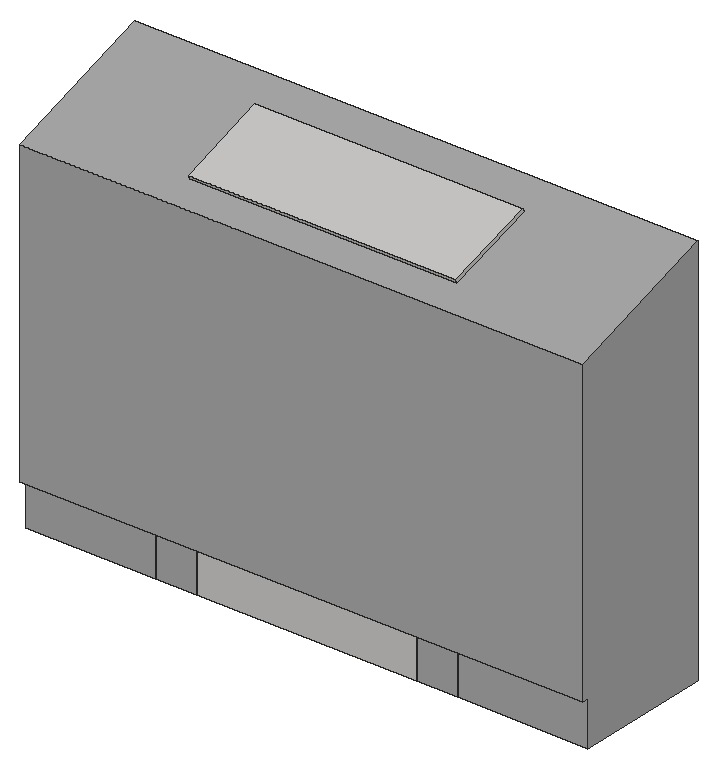
Revit family
Parameters (values of type "FWI 02 - 115V - 4 Pipe - 3 Rows Cooling - 1 Row Heating")
  Width = 3' - 5"
  Water Connection Radius [instance] = if(1 = 1, Water Connection Diameter / 2, 1' 0")  # 0' - 0 5/16"
  Water Connection Diameter [instance] = if(or([4 Pipe], [2 Pipe Heating]), Hot Water Connection Diameter, Chilled Water Connection Diameter)  # 0' - 0 5/8"
  Water Coil Pressure Drop = if(or([4 Pipe], [2 Pipe Heating]), Heating Coil Water Pressure Drop, Cooling Coil Water Pressure Drop)  # 0 Pa
  Total Coil Row Count = Heating Coil Row Count + Cooling Coil Row Count  # 4
  Heating Hot Water [instance] = yes
  Voltage = 120 V
  Unit Weight = if(Unit Size > 11, 149.00 lbf, if(Unit Size > 9, 131.00 lbf, if(Unit Size > 7, 102.00 lbf, if(Unit Size > 5, 96.00 lbf, if(Unit Size > 3, 87.00 lbf, if(Unit Size > 2, 74.00 lbf, if(Unit Size > 1, 66.00 lbf, 66.00 lbf)))))))  # 66.00 lbf
  Unit Size = 2
  URL = "http://www.enviro-tec.com/index.html"
  Type Comments = ""
  Total Cooling Capacity = 0.0 Btu/h
  Supply Air Connection Width = 19 1/2"
  Supply Air Connection Height = 7 1/2"
  Heating Steam [instance] = not(Heating Hot Water)  # no
  Sloped Top Panel = 1 = 1  # yes
  Sensible Heating Capacity = 0.0 Btu/h
  Sensible Cooling Capacity = 0.0 Btu/h
  Secondary Condensate Drain Flow = 0 GPM
  Return Air Connection Width = 22"
  Return Air Connection Height = 0' 3 1/4"  # 3 1/4"
  Product Page URL = "http://www.enviro-tec.com/eCatalog/products.asp?ID=1"
  Product Documentation Link = "http://www.enviro-tec.com/pdf/catalog/ET115.26-EG6.pdf"
  Pressure Drop = 0.00 in-wg
  Power Factor = 1
  Return Duct Connector Description [instance] = "Return Air Connection"  # constant formula
  Outside Air Connection Width = 1' - 4"
  Outside Air Connection Height = 0' - 2 1/2"  # constant formula
  Outside Air Connection Description [instance] = if(Outside Air Connection, "Outside Air Connection", "Disabled")  # "Disabled"
  Outside Air Connection = no
  Heating Coil Row Count = 1
  Heating Coil Description [instance] = if(Heating Hot Water, "Hot Water", "Steam")  # "Hot Water"
  Filter Size = "9.25 X 21.75 X 1"
  Electric Heat Current = 0 A
  Depth = 0' - 10"  # constant formula
  Cooling DX Suction [instance] = no
  Cooling DX Liquid [instance] = yes
  Cooling DX [instance] = no
  Cooling Coil Row Count = 3
  Cooling Coil Description [instance] = if(Cooling Chilled Water, "Chilled Water", "DX")  # "DX"
  Cooling Chilled Water [instance] = or(and(not(Cooling DX Suction), not(Cooling DX), not(Cooling DX Liquid)))  # no
  Condensate Drain Connector Description [instance] = "Condensate Drain Connection"  # constant formula
  Water Supply Connector Description [instance] = if(or([4 Pipe], [2 Pipe Heating]), "Hot Water Supply", "Chilled Water Supply")  # "Hot Water Supply"
  Water Return Connector Description [instance] = if(or([4 Pipe], [2 Pipe Heating]), "Hot Water Return", "Chilled Water Return")  # "Hot Water Return"
  Chilled Water Supply Connector Description [instance] = if([4 Pipe], "Chilled Water Supply", "Disabled")  # "Disabled"
  Chilled Water Return Connector Description [instance] = if([4 Pipe], "Chilled Water Return", "Disabled")  # "Disabled"
  OmniClass Title = "Fan Coil Units"  # constant formula
  OmniClass Number = "23.75.70.17.27"  # constant formula
  Number of Poles = 1
  Net Weight = Unit Weight + Coil Rows Weight  # 96.00 lbf
  Mounting Hole Distance = if(1 = 1, Supply Air Connection Width + 0' 6", 1' 0")  # 2' - 1 1/2"
  Motor PSC Type [instance] = yes
  Fan Motor Current = 0 A
  Model = "FWI"
  Manufacturer = "Johnson Controls, Inc."  # constant formula
  Louver Material = Metal - JCI - Steel - Powder Coated - Gray - Louver
  Keynote = "15700"
  Hot Water Connection Diameter = if(Heating Coil Row Count < 3, 0' 0 5/8", 0' 0 3/4")  # 5/8"
  Height = 2' - 1 1/4"
  Heating Leaving Water Temperature [instance] = 140 °F
  Heating Entering Water Temperature [instance] = 180 °F
  Heating Entering Dry Bulb Temperature [instance] = 70 °F
  Heating Coil Water Pressure Drop = 0 Pa
  Heating Coil Row Quantity = 1
  Full Load Current = Fan Motor Current + Electric Heat Current  # 0 A
  Frequency = 0 Hz
  Frame Material = Metal - JCI - Steel - Galvanized
  Filter Throwaway [instance] = yes
  Filter Pleated 1 in [instance] = no
  Fan Width = if(Supply Air Connection Width > 2' 8", 0' 8 1/4", if(Supply Air Connection Width > 2' 3", 0' 6 7/8", if(Supply Air Connection Width > 1' 6", 0' 8 1/4", 0' 6 7/8")))  # 0' - 8 1/4"
  Fan Motor Horsepower = 0.1666
  External Static Pressure [instance] = 0.00 in-wg
  Electrical Connector Description = "Equipment Power"
  Electric Heat Wattage = 0 W
  Electric Heat Capacity = 0.0 Btu/h
  Supply Duct Connector Description = "Supply Air Connection"  # constant formula
  Design Heating Water Flow = 0 GPM
  Design Chilled Water Flow = 0 GPM
  Cooling Leaving Water Temperature [instance] = 55 °F
  Cooling Entering Wet Bulb Temperature [instance] = 67 °F
  Cooling Entering Water Temperature [instance] = 45 °F
  Cooling Entering Dry Bulb Temperature [instance] = 80 °F
  Cooling Coil Water Pressure Drop = 0 Pa
  Control Enclosure Width = 0' - 5 7/8"  # constant formula
  Control Enclosure Height [instance] = 0' - 5 1/2"  # constant formula
  Control Enclosure Depth = 0' - 3"  # constant formula
  Condensate Drain Pan Material = Metal - JCI - Steel - Galvanized
  Chilled Water Connection Radius [instance] = if(1 = 1, Chilled Water Connection Diameter / 2, 1' 0")  # 0' - 0 7/16"
  CTRL Slope Offset [instance] = if(Sloped Top Panel, 0' 3 1/2", 0' 0")  # 0' - 3 1/2"
  CTRL Slope Length [instance] = if(Sloped Top Panel, 0' 10 5/8", Depth + 0' 0 1/2")  # 0' - 10 5/8"
  CTRL Slope [instance] = if(Sloped Top Panel, 18.44°, 0.00°)  # 18.44°
  CTRL Outside Air Flow [instance] = if(Outside Air Connection, Actual Outside Air Flow, 0 CFM)  # 0 CFM
  CTRL Outside Air Connection Offset [instance] = if(1 = 1, Width / 2, 0' 0")  # 1' - 8 1/2"
  CTRL Junction Box Height [instance] = 0' - 6"  # constant formula
  CTRL Condensate Drain Offset [instance] = if(Coil Connection Right, Return Air Connection Width, 0' 0")  # 1' - 10"
  Condensate Drain Length [instance] = 0' - 8"  # constant formula
  Condensate Drain Height [instance] = if(Auxiliary Drip Pan, 0' 6 1/32", 0' 9")  # 0' - 6 1/32"
  Condensate Drain Connection Diameter Auxiliary = 0' 0 5/8"  # 5/8"
  Coil Rows Weight = if(and(Unit Size > 11, Total Coil Row Count > 3), 77.00 lbf, if(and(Unit Size > 11, Total Coil Row Count > 2), 61.00 lbf, if(and(Unit Size > 11, Total Coil Row Count > 1), 47.00 lbf, if(and(Unit Size > 11, Total Coil Row Count > 0.5), 37.00 lbf, if(and(Unit Size > 9, Total Coil Row Count > 3), 65.00 lbf, if(and(Unit Size > 9, Total Coil Row Count > 2), 52.00 lbf, if(and(Unit Size > 9, Total Coil Row Count > 1), 41.00 lbf, if(and(Unit Size > 9, Total Coil Row Count > 0.5), 32.00 lbf, if(and(Unit Size > 7, Total Coil Row Count > 3), 52.00 lbf, if(and(Unit Size > 7, Total Coil Row Count > 2), 41.00 lbf, if(and(Unit Size > 7, Total Coil Row Count > 1), 32.00 lbf, if(and(Unit Size > 7, Total Coil Row Count > 0.5), 25.00 lbf, if(and(Unit Size > 5, Total Coil Row Count > 3), 50.00 lbf, if(and(Unit Size > 5, Total Coil Row Count > 2), 39.00 lbf, if(and(Unit Size > 5, Total Coil Row Count > 1), 31.00 lbf, if(and(Unit Size > 5, Total Coil Row Count > 0.5), 24.00 lbf, if(and(Unit Size > 3, Total Coil Row Count > 3), 41.00 lbf, if(and(Unit Size > 3, Total Coil Row Count > 2), 32.00 lbf, if(and(Unit Size > 3, Total Coil Row Count > 1), 25.00 lbf, if(and(Unit Size > 3, Total Coil Row Count > 0.5), 20.00 lbf, if(and(Unit Size > 2, Total Coil Row Count > 3), 32.00 lbf, if(and(Unit Size > 2, Total Coil Row Count > 2), 25.00 lbf, if(and(Unit Size > 2, Total Coil Row Count > 1), 20.00 lbf, if(and(Unit Size > 2, Total Coil Row Count > 0.5), 15.00 lbf, if(and(Unit Size > 1, Total Coil Row Count > 3), 30.00 lbf, if(and(Unit Size > 1, Total Coil Row Count > 2), 23.00 lbf, if(and(Unit Size > 1, Total Coil Row Count > 1), 19.00 lbf, 14.00 lbf)))))))))))))))))))))))))))  # 30.00 lbf
  Coil Pipe Material = Metal - JCI - Copper - Type-L - Polished
  Coil Face Area = 3.02 SF
  Chilled Water Connection Diameter [instance] = if(and(Cooling Chilled Water, Cooling Coil Row Count < 3), 0' 0 5/8", if(and(Cooling DX, Cooling DX Liquid), 0' 0 3/8", if(and(Cooling DX, Cooling DX Suction), 0' 0 5/8", 0' 0 7/8")))  # 7/8"
  Two Fan Motors = Supply Air Connection Width > 2' 3"  # no
  Description = ""
  Copyright © = "© 2010, Johnson Controls, Inc."  # constant formula
  Cooling Coil Row Quantity = 2
  Control Enclosure Right [instance] = not(Coil Connection Right)  # no
  Control Enclosure Left [instance] = not(Control Enclosure Right)  # yes
  Condensate Pipe [instance] = yes
  Condensate Drain Connection Diameter = 3/4"
  Condensate Connection Radius 2 [instance] = if(Condensate Pipe, if(Condensate Drain Connection Diameter Auxiliary < 0' 0 1/8", 0' 0 1/16", Condensate Drain Connection Diameter Auxiliary / 2), Condensate Connection Radius)  # 0' - 0 5/16"
  Condensate Connection Radius [instance] = if(1 = 1, Condensate Drain Connection Diameter / 2, 0' 0")  # 0' - 0 3/8"
  Coil Connection Right [instance] = yes
  Coil Connection Left [instance] = not(Coil Connection Right)  # no
  Coil Casing Width = if(1 = 1, Supply Air Connection Width + 0' 9 1/8", 1' 0")  # 2' - 4 5/8"
  Coil Casing Depth = 0' - 11 5/8"  # constant formula
  CTRL Supply Offset Back = 0' - 3 3/4"  # constant formula
  CTRL Supply 2 Offset Back [instance] = if([4 Pipe], CTRL Supply Offset Back + 0' 3 1/2", CTRL Supply Offset Back)  # 0' - 3 3/4"
  CTRL Return Offset Back [instance] = 0' - 5 1/2"  # constant formula
  CTRL Return 2 Offset Back [instance] = if([4 Pipe], CTRL Return Offset Back - 0' 3 1/2", CTRL Return Offset Back)  # 0' - 5 1/2"
  CTRL Pipes Offset Position [instance] = if(Coil Connection Right, Return Air Connection Width, 0' 0")  # 1' - 10"
  CTRL Pipes Offset Length = 0' - 8"  # constant formula
  CTRL Pipe Supply Radius = 0' - 0 3/8"
  CTRL Pipe Supply 2 Height Offset [instance] = if([4 Pipe], CTRL Pipe Supply Height Offset - 0' 3", CTRL Pipe Supply Height Offset)  # 1' - 7 1/4"
  CTRL Pipe Supply Height Offset [instance] = 1' - 7 1/4"  # constant formula
  CTRL Pipe Return Radius = 0' - 0 3/8"
  CTRL Pipe Return Height Offset [instance] = 1' - 5 3/4"  # constant formula
  CTRL Pipe Return Angle [instance] = if(Coil Connection Right, 0.00°, 180.00°)  # 0.00°
  CTRL Pipe Return 2 Height Offset [instance] = if([4 Pipe], CTRL Pipe Return Height Offset + 0' 3", CTRL Pipe Return Height Offset)  # 1' - 5 3/4"
  CTRL Enclosure Offset [instance] = if(Control Enclosure Right, 0' 0", Return Air Connection Width)  # 1' - 10"
  CTRL Enclosure Height Offset [instance] = 0' - 6"  # constant formula
  CTRL Enclosure Angle [instance] = if(Control Enclosure Right, 0.00°, 180.00°)  # 180.00°
  CTRL Condensate Drain Angle [instance] = if(Coil Connection Right, 0.00°, 180.00°)  # 0.00°
  Auxiliary Drip Pan [instance] = yes
  Assembly Code = "D3050100"
  Apparent Load = Full Load Current * Voltage  # 0 VA
  Altitude = 0' - 0"
  Design Supply Air Flow = 2400 CFM
  Actual Supply Air Flow [instance] = Actual Return Air Flow + CTRL Outside Air Flow  # 0 CFM
  Actual Return Air Flow [instance] = 0 CFM
  Actual Outside Air Flow [instance] = 0 CFM
  Actual Heating Water Flow = 0 GPM
  Actual Condensate Drain Flow [instance] = 0 GPM
  Actual Chilled Water Flow = 0 GPM
  4 Pipe = no
  2 Pipe Heating = yes
  2 Pipe Cooling = not(or([2 Pipe Heating], [4 Pipe]))  # no
Reference planes (in)
  plane 1 "Center (Front/Back)": y = -6.9375
  plane 2 "Bottom": z = 0
  plane 3 "Center (Left/Right)": x = 0
  plane 4 "Left": x = -20.5
  plane 5 "Right": x = 20.5
  plane 6 "Front": y = -11.9375
  plane 7 "Top": z = 25.25
  plane 8 "Back": y = -1.9375
  plane 9 "Right Supply Air": x = 9.75
  plane 10 "Front Supply Air": y = -10.6875
  plane 11 "Back Supply Air": y = -3.1875
  plane 12 "Chilled Return Pipe Height": z = 17.75
  plane 13 "Heating Supply Pipe Height": z = 19.25
  plane 14 "Heating Supply Pipe": y = -5.6875
  plane 15 "Chilled Return Pipe": y = -7.4375
  plane 16 "Offset Front": y = -12.43244
  plane 17 "Left Supply Air": x = -9.75
  plane 18 "Back Control Box": y = -3.94333
  plane 19 "Front Control Box": y = -9.94333
  plane 20 "Pipe CTRL Offset": x = 11
  plane 21 "Heating Return Pipe": y = -7.4375
  plane 22 "Chilled Supply Pipe": y = -5.6875
  plane 23 "Heating Return Pipe Height": z = 17.75
  plane 24 "Chilled Supply Pipe Height": z = 19.25
  plane 25 "CTRL Junction Box Offset": x = -11
  plane 26 "Junction Box Bottom": z = 6
  plane 27 "Junction Box Top": z = 12
  plane 28 "Return Air Height": z = 3.25
  plane 29 "Left Return Air": x = -11
  plane 30 "Right Return Air": x = 11
  plane 31 "Auxiliary Drain Pan Top": z = 7.5
  plane 32 "Junction Box Exterior": x = -16.5
  plane 33 "Condensate Drain Offset": x = 11
  plane 34 "Condensate Drain Height": z = 6.03125
  plane 35 "Condensate Drain Pipe": y = -10.44333
  plane 36 "Condensate Pipe Height": z = 6.03125
  plane 37 "Left Control Door": x = -18.5
  plane 38 "Right Control Door": x = -11.75
  plane 39 "Back Control Door": y = -4
  plane 40: y = -9.875
  plane 41 "Control Door Center (Left/Right)": x = -15.125
  plane 42 "Offset Top": z = 28.75
  plane 43: y = -11.6875
Forms (in)
  Revolve 1, solid, material "Metal - JCI - Copper - Type-L - Polished" <- "Coil Pipe Material", not visible, detail levels fine
    sketch origin (0, -7.4375, 0) x (-1, 0, 0) y (0, 0, 1)
      loop
        line (-11, 17.75) -> (-19, 17.75) -> (-19, 17.375) -> (-11, 17.375) -> (-11, 17.75)
      axis (-11, 17.75) -> (-19, 17.75)
    angle from 0 to 360
  Revolve 2, solid, material "Metal - JCI - Copper - Type-L - Polished" <- "Coil Pipe Material", not visible, detail levels fine
    sketch origin (0, -5.6875, 0) x (-1, 0, 0) y (0, 0, 1)
      loop
        line (-11, 19.25) -> (-11, 19.625) -> (-19, 19.625) -> (-19, 19.25) -> (-11, 19.25)
      axis (-11, 19.25) -> (-19, 19.25)
    angle from 0 to 360
  Revolve 3, solid, material "Metal - JCI - Copper - Type-L - Polished" <- "Coil Pipe Material", not visible, detail levels fine
    sketch origin (0, -5.6875, 0) x (-1, 0, 0) y (0, 0, 1)
      loop
        line (-19, 19.25) -> (-19, 18.875) -> (-11, 18.875) -> (-11, 19.25) -> (-19, 19.25)
      axis (-11, 19.25) -> (-19, 19.25)
    angle from 0 to 360
  Revolve 4, solid, material "Metal - JCI - Copper - Type-L - Polished" <- "Coil Pipe Material", not visible, detail levels fine
    sketch origin (0, -7.4375, 0) x (-1, 0, 0) y (0, 0, 1)
      loop
        line (-11, 17.75) -> (-19, 17.75) -> (-19, 17.375) -> (-11, 17.375) -> (-11, 17.75)
      axis (-11, 17.75) -> (-19, 17.75)
    angle from 0 to 360
  Revolve 5, solid, material "Metal - JCI - Copper - Type-L - Polished" <- "Coil Pipe Material", not visible, detail levels fine
    sketch origin (0, -10.44333, 0) x (-1, 0, 0) y (0, 0, 1)
      loop
        line (-19, 6.03125) -> (-19, 5.65625) -> (-11, 5.65625) -> (-11, 6.03125) -> (-19, 6.03125)
      axis (-11, 6.03125) -> (-19, 6.03125)
    angle from 0 to 360
  Extrusion 6, solid, material "Metal - JCI - Steel - Galvanized" <- "Frame Material", not visible, detail levels fine
    sketch origin (0, 0, 12) x (-1, 0, 0) y (0, -1, 0)
      loop
        line (16.5, 9.9375) -> (11, 9.9375) -> (11, 3.9375) -> (16.5, 3.9375) -> (16.5, 9.9375)
    from 0 to 0.0625
  Extrusion 7, solid, material "Metal - JCI - Steel - Galvanized" <- "Frame Material", detail levels fine
    sketch origin (20.5, 0, 0) x (0, -1, 0) y (0, 0, -1)
      loop
        line (1.9375, -28.74934) -> (12.43244, -25.25) -> (12.43244, -3.25) -> (1.9375, -3.25) -> (1.9375, -28.74934)
    from -41 to 0
  Extrusion 8, solid, material "Metal - JCI - Steel - Galvanized" <- "Frame Material", detail levels fine
    sketch origin (0, 0, 0) x (1, 0, 0) y (0, 1, 0)
      loop
        line (-20.5, -1.9375) -> (-20.5, -11.9375) -> (-11, -11.9375) -> (-11, -11.6875) -> (11, -11.6875) -> (11, -11.9375) -> (20.5, -11.9375) -> (20.5, -1.9375) -> (-20.5, -1.9375)
    from 0 to 3.25
Cuts and joins
  joined: Extrusion 7, Extrusion 8
Lines and regions (in)
  Masking region 1
    outline origin (0, 0, 25.25) x (-1, 0, 0) y (0, -1, 0)
      loop
        line (20.5, 1.9375) -> (20.5, 12.43244) -> (-20.5, 12.43244) -> (-20.5, 1.9375) -> (20.5, 1.9375)
  Masking region 2
    outline origin (20.5, 0, 0) x (0, -1, 0) y (0, 0, 1)
      loop
        line (1.9375, 28.74934) -> (1.9375, 0) -> (11.9375, 0) -> (11.9375, 3.25) -> (12.43244, 3.25) -> (12.43244, 25.25) -> (1.9375, 28.74934)
  Masking region 3
    outline origin (0, -1.9375, 0) x (-1, 0, 0) y (0, 0, 1)
      loop
        line (20.5, 28.75) -> (-20.5, 28.75) -> (-20.5, 0) -> (20.5, 0) -> (20.5, 28.75)
  symbolic lines, detail levels coarse
    curve 1: line (0, -13.05744, 15.75) -> (0, -11.9375, 15.75)
  model lines, style "Fan Coil Unit"
    curve 2: line (20.5, -11.9375, 0) -> (20.5, -11.9375, 3.25)
    curve 3: line (-20.5, -11.9375, 0) -> (20.5, -11.9375, 0)
    curve 4: line (-20.5, -11.9375, 3.25) -> (-20.5, -11.9375, 0)
    curve 5: line (-20.5, -11.9375, 3.25) -> (20.5, -11.9375, 3.25)
    curve 6: line (20.5, -12.43244, 25.25) -> (-20.5, -12.43244, 25.25)
    curve 7: line (-20.5, -12.43244, 25.25) -> (-20.5, -12.43244, 3.25)
    curve 8: line (20.5, -12.43244, 3.25) -> (20.5, -12.43244, 25.25)
    curve 9: line (-20.5, -12.43244, 3.25) -> (20.5, -12.43244, 3.25)
    curve 10: line (-20.5, -11.9375, 3.25) -> (-20.5, -12.43244, 3.25)
    curve 11: line (20.5, -12.43244, 3.25) -> (20.5, -11.9375, 3.25)
    curve 12: line (-20.5, -1.9375, 0) -> (20.5, -1.9375, 0)
    curve 13: line (20.5, -11.9375, 0) -> (20.5, -1.9375, 0)
    curve 14: line (-20.5, -1.9375, 0) -> (-20.5, -11.9375, 0)
    curve 15: line (-20.5, -1.9375, 28.75) -> (-20.5, -1.9375, 0)
    curve 16: line (20.5, -1.9375, 28.75) -> (20.5, -1.9375, 0)
    curve 17: line (-20.5, -1.9375, 28.74934) -> (-20.5, -12.43244, 25.25)
    curve 18: line (20.5, -1.9375, 28.74934) -> (20.5, -12.43244, 25.25)
    curve 19: line (-20.5, -1.9375, 28.75) -> (20.5, -1.9375, 28.75)
  reference lines
    curve 20: line (-20.5, -12.43244, 25.25) -> (-20.5, -2.35298, 28.61081)
    curve 21: line (-20.5, -7.39271, 26.9304) -> (-20.5, -8.02533, 28.82772)
Dimensions and locks (in)
  equal spacing: plane 6 "Front", plane 1 "Center (Front/Back)", plane 8 "Back"
  "Depth": plane 6 "Front" to plane 8 "Back"
  equal spacing: plane 10 "Front Supply Air", plane 1 "Center (Front/Back)", plane 11 "Back Supply Air"
  "Supply Air Connection Height": plane 10 "Front Supply Air" to plane 11 "Back Supply Air"
  locked: plane 16 "Offset Front" to plane 6 "Front" at 0.49494
  "Supply Air Connection Width": plane 17 "Left Supply Air" to plane 9 "Right Supply Air"
  locked: plane 19 "Front Control Box" to plane 18 "Back Control Box" at 6
  equal spacing: plane 4 "Left", plane 3 "Center (Left/Right)", plane 5 "Right"
  equal spacing: plane 17 "Left Supply Air", plane 3 "Center (Left/Right)", plane 9 "Right Supply Air"
  "CTRL Pipe Return Radius": Revolve 1 sketch curve to Revolve 1 sketch curve
  "CTRL Pipes Offset Length": Revolve 1 sketch curve to Revolve 1 sketch curve
  "CTRL Pipes Offset Length": Revolve 2 sketch curve to Revolve 2 sketch curve
  "CTRL Pipe Supply Radius": Revolve 2 sketch curve to Revolve 2 sketch curve
  "CTRL Pipes Offset Length": Revolve 3 sketch curve to Revolve 3 sketch curve
  "CTRL Pipe Supply Radius": Revolve 3 sketch curve to Revolve 3 sketch curve
  "CTRL Pipes Offset Length": Revolve 4 sketch curve to Revolve 4 sketch curve
  "CTRL Pipe Return Radius": Revolve 4 sketch curve to Revolve 4 sketch curve
  "CTRL Enclosure Height Offset": plane 26 "Junction Box Bottom" to plane 2 "Bottom"
  "Height": plane 7 "Top" to plane 2 "Bottom"
  "Return Air Connection Height": plane 28 "Return Air Height" to plane 2 "Bottom"
  equal spacing: plane 29 "Left Return Air", plane 3 "Center (Left/Right)", plane 30 "Right Return Air"
  "Return Air Connection Width": plane 29 "Left Return Air" to plane 30 "Right Return Air"
  "CTRL Supply 2 Offset Back": plane 14 "Heating Supply Pipe" to plane 8 "Back"
  "CTRL Return 2 Offset Back": plane 15 "Chilled Return Pipe" to plane 8 "Back"
  "CTRL Pipe Supply 2 Height Offset": plane 13 "Heating Supply Pipe Height" to plane 2 "Bottom"
  "CTRL Pipe Return Height Offset": plane 23 "Heating Return Pipe Height" to plane 2 "Bottom"
  "CTRL Pipe Return 2 Height Offset": plane 12 "Chilled Return Pipe Height" to plane 2 "Bottom"
  "CTRL Supply Offset Back": plane 22 "Chilled Supply Pipe" to plane 8 "Back"
  "CTRL Return Offset Back": plane 21 "Heating Return Pipe" to plane 8 "Back"
  "CTRL Pipe Supply Height Offset": plane 24 "Chilled Supply Pipe Height" to plane 2 "Bottom"
  locked: plane 32 "Junction Box Exterior" to plane 25 "CTRL Junction Box Offset" at 5.5
  locked: plane 35 "Condensate Drain Pipe" to plane 19 "Front Control Box" at 0.5
  "Condensate Drain Height": plane 36 "Condensate Pipe Height" to plane 2 "Bottom"
  plane 27 "Junction Box Top" to plane 26 "Junction Box Bottom" = 0' - 6"
  "Width": plane 4 "Left" to plane 5 "Right"
  "CTRL Pipes Offset Position": plane 29 "Left Return Air" to plane 20 "Pipe CTRL Offset"
  "Condensate Drain Length": Revolve 5 sketch curve to Revolve 5 sketch curve
  "Condensate Connection Radius": Revolve 5 sketch curve to Revolve 5 sketch curve
  "Condensate Drain Height": plane 34 "Condensate Drain Height" to plane 2 "Bottom"
  "CTRL Condensate Drain Offset": plane 29 "Left Return Air" to plane 33 "Condensate Drain Offset"
  "CTRL Enclosure Offset": plane 25 "CTRL Junction Box Offset" to plane 30 "Right Return Air"
  plane 4 "Left" to plane 37 "Left Control Door" = 0' - 2"
  plane 38 "Right Control Door" to plane 17 "Left Supply Air" = 0' - 2"
  locked: plane 8 "Back" to plane 39 "Back Control Door" at 2.0625
  locked: plane 6 "Front" to plane 40 at 2.0625
  equal spacing: plane 37 "Left Control Door", plane 41 "Control Door Center (Left/Right)", plane 38 "Right Control Door"
  equal spacing: plane 40, plane 1 "Center (Front/Back)", plane 39 "Back Control Door"
  curve 8 to Revolve 1 = 0' - 1 1/2"
  locked: plane 6 "Front" to plane 43 at 0.25
  equal spacing: curve 20, curve 21, curve 20
  "CTRL Slope Length": curve 20 to curve 20
  "CTRL Slope Offset": plane 42 "Offset Top" to plane 7 "Top"
  locked: plane 2 "Bottom" to connector elem at 1.25
  "CTRL Outside Air Connection Offset": connector elem to curve 15
  "CTRL Pipe Return Angle": angle plane 12 "Chilled Return Pipe Height" to Revolve 1 sketch curve
  "CTRL Pipe Return Angle": angle plane 13 "Heating Supply Pipe Height" to Revolve 2 sketch curve
  "CTRL Pipe Return Angle": angle plane 24 "Chilled Supply Pipe Height" to Revolve 3 sketch curve
  "CTRL Pipe Return Angle": angle plane 23 "Heating Return Pipe Height" to Revolve 4 sketch curve
  "CTRL Enclosure Angle": angle plane 1 "Center (Front/Back)" to nested 2
  "CTRL Condensate Drain Angle": angle plane 34 "Condensate Drain Height" to Revolve 5 sketch curve
  "CTRL Slope": angle plane 7 "Top" to curve 20
  locked: curve 21 to curve 20 (angle 90.00°)
  "CTRL Slope": angle plane 7 "Top" to nested 3
  aligned and locked: level to plane 2 "Bottom"
  aligned and locked: plane 1 "Center (Front/Back)" to nested 1
  aligned and locked: plane 3 "Center (Left/Right)" to nested 1
  aligned and locked: plane 20 "Pipe CTRL Offset" to Revolve 1 sketch curve
  aligned and locked: plane 12 "Chilled Return Pipe Height" to Revolve 1 sketch curve
  aligned and locked: Revolve 1 sketch curve to Revolve 1 sketch curve  (x3)
  aligned and locked: plane 20 "Pipe CTRL Offset" to Revolve 2 sketch curve
  aligned and locked: plane 13 "Heating Supply Pipe Height" to Revolve 2 sketch curve
  aligned and locked: Revolve 2 sketch curve to Revolve 2 sketch curve  (x3)
  aligned and locked: plane 20 "Pipe CTRL Offset" to Revolve 3 sketch curve
  aligned and locked: plane 24 "Chilled Supply Pipe Height" to Revolve 3 sketch curve
  aligned and locked: Revolve 3 sketch curve to Revolve 3 sketch curve  (x3)
  aligned and locked: plane 20 "Pipe CTRL Offset" to Revolve 4 sketch curve
  aligned and locked: plane 23 "Heating Return Pipe Height" to Revolve 4 sketch curve
  aligned and locked: Revolve 4 sketch curve to Revolve 4 sketch curve  (x3)
  aligned and locked: nested 2 to nested 2  (x2)
  aligned and locked: plane 25 "CTRL Junction Box Offset" to nested 2
  aligned and locked: plane 33 "Condensate Drain Offset" to Revolve 5 sketch curve  (x2)
  aligned and locked: plane 27 "Junction Box Top" to nested 2
  aligned and locked: Extrusion 6 sketch curve to nested 2  (x4)
  aligned and locked: curve 9 to plane 28 "Return Air Height"
  aligned and locked: curve 5 to plane 28 "Return Air Height"
  aligned and locked: curve 3 to plane 2 "Bottom"
  aligned and locked: curve 12 to plane 2 "Bottom"
  aligned and locked: plane 7 "Top" to curve 6
  aligned and locked: Revolve 5 sketch curve to Revolve 5 sketch curve
  aligned and locked: curve 15 to curve 7
  aligned and locked: curve 16 to curve 13
  aligned and locked: curve 15 to curve 14
  aligned and locked: curve 19 to plane 42 "Offset Top"
  aligned and locked: curve 15 to Extrusion 7 sketch curve
  aligned and locked: Extrusion 7 sketch curve to curve 10
  aligned and locked: Extrusion 7 sketch curve to curve 7
  aligned and locked: plane 4 "Left" to Extrusion 7
  aligned and locked: plane 5 "Right" to Extrusion 7
  aligned and locked: plane 16 "Offset Front" to Extrusion 7
  aligned and locked: plane 8 "Back" to Extrusion 7
  aligned and locked: Masking region 1 sketch curve to plane 8 "Back"
  aligned and locked: Masking region 1 sketch curve to plane 5 "Right"
  aligned and locked: Masking region 1 sketch curve to plane 16 "Offset Front"
  aligned and locked: Masking region 1 sketch curve to plane 4 "Left"
  aligned and locked: plane 8 "Back" to Masking region 2 sketch curve
  aligned and locked: Masking region 2 sketch curve to plane 2 "Bottom"
  aligned and locked: plane 16 "Offset Front" to Masking region 2 sketch curve
  aligned and locked: plane 28 "Return Air Height" to Masking region 2 sketch curve
  aligned and locked: Masking region 2 sketch curve to plane 6 "Front"
  aligned and locked: Masking region 3 sketch curve to plane 42 "Offset Top"
  aligned and locked: Masking region 3 sketch curve to plane 4 "Left"
  aligned and locked: plane 2 "Bottom" to Masking region 3 sketch curve
  aligned and locked: Masking region 3 sketch curve to plane 5 "Right"
  aligned and locked: plane 17 "Left Supply Air" to nested 3
  aligned and locked: curve 2 to curve 8
  aligned and locked: plane 28 "Return Air Height" to nested 4  (x2)
  aligned and locked: plane 29 "Left Return Air" to nested 4
  aligned and locked: nested 4 to plane 30 "Right Return Air"
  aligned and locked: plane 2 "Bottom" to nested 4
  aligned and locked: nested 4 to plane 6 "Front"
  aligned and locked: Extrusion 8 sketch curve to plane 6 "Front"
  aligned and locked: Extrusion 8 sketch curve to plane 5 "Right"
  aligned and locked: Extrusion 8 sketch curve to plane 8 "Back"
  aligned and locked: Extrusion 8 sketch curve to plane 4 "Left"
  aligned and locked: plane 28 "Return Air Height" to Extrusion 8
  aligned and locked: Extrusion 8 to plane 2 "Bottom"
  aligned and locked: Extrusion 8 sketch curve to plane 29 "Left Return Air"
  aligned and locked: Extrusion 8 sketch curve to plane 30 "Right Return Air"
  aligned and locked: plane 43 to Extrusion 8 sketch curve
  aligned and locked: curve 18 to curve 20
  aligned and locked: curve 17 to curve 20
  aligned and locked: nested 3 to curve 20
  aligned and locked: nested 3 to curve 21
  aligned and locked: Extrusion 7 sketch curve to curve 20
  aligned and locked: Masking region 2 sketch curve to curve 20
  aligned and locked: plane 16 "Offset Front" to curve 20
  aligned and locked: plane 7 "Top" to curve 20
Automatic sketch dimensions
  Revolve 5 sketch curve to plane 34 "Condensate Drain Height" = 0' - 0"
  curve 1 to plane 3 "Center (Left/Right)" = 0' - 0"
  curve 1 to plane 6 "Front" = 0' - 0"
  plane 16 "Offset Front" to curve 1 = 0' - 0 5/8"
  curve 12 to plane 5 "Right" = 0' - 0"
  curve 2 to plane 5 "Right" = 0' - 0"
  curve 4 to plane 4 "Left" = 0' - 0"
  curve 7 to plane 4 "Left" = 0' - 0"
  curve 17 to plane 8 "Back" = 0' - 0"
  curve 14 to level = 0' - 0"
  curve 14 to plane 6 "Front" = 0' - 0"
  curve 10 to plane 6 "Front" = 0' - 0"
  curve 10 to plane 16 "Offset Front" = 0' - 0"
  curve 10 to plane 28 "Return Air Height" = 0' - 0"
  Extrusion 8 sketch curve to plane 6 "Front" = 0' - 0"
  curve 17 to plane 16 "Offset Front" = 0' - 0"
  curve 18 to plane 8 "Back" = 0' - 0"
  curve 13 to level = 0' - 0"
  curve 13 to plane 6 "Front" = 0' - 0"
  curve 11 to plane 6 "Front" = 0' - 0"
  curve 11 to plane 16 "Offset Front" = 0' - 0"
  curve 11 to plane 28 "Return Air Height" = 0' - 0"
  curve 18 to plane 7 "Top" = 0' - 0"
Nested families (in)
  nested 1: "Model Name" at (0, -6.9375, 0), type "Model Name", detail levels coarse
    with Model Name "FWC"
  nested 2: "HVAC-JCI-Junction_Box" at (-13.75, -6.9375, 6), Junction Box Material <- "Frame Material", type "Junction_Box", not visible, detail levels fine
    with Junction Box Material Metal - JCI - Steel - Galvanized, Junction Box yes
  nested 3: "Panel-JCI-Stamped_Louver" at (0, -4.36887, 27.93865) x (1, 0, 0) z (0, -0.3163, 0.9487), type "Panel-JCI-Stamped_Louver", detail levels fine
    with Width 1' - 7 1/2", Louver Width 1' - 7 1/2"
  nested 4: "Panel-JCI-Stamped_Louver_Return_Air_Grille" at (0, -11.6875, 0), type "Panel-JCI-Stamped_Louver", detail levels fine
    with Louver Width 1' - 10", Louver Height 0' - 3 1/4"
Connectors (in)
  piping at (19, -7.4375, 17.75), driven by "CTRL Pipe Return Radius", driven by "Chilled Water Return Connector Description", driven by "Actual Chilled Water Flow"
    settings: on Revolve 1, index 1
  piping at (19, -5.6875, 19.25), driven by "CTRL Pipe Supply Radius", driven by "Chilled Water Supply Connector Description", driven by "Actual Chilled Water Flow"
    settings: on Revolve 3, index 2
  piping at (19, -7.4375, 17.75), driven by "CTRL Pipe Return Radius", driven by "Water Return Connector Description", driven by "Actual Heating Water Flow"
    settings: on Revolve 4, index 3
  piping at (19, -5.6875, 19.25), driven by "CTRL Pipe Supply Radius", driven by "Water Supply Connector Description", driven by "Actual Heating Water Flow"
    settings: on Revolve 2, index 4
  electrical at (-13.75, -6.9375, 12), driven by "Power Factor", driven by "Apparent Load", driven by "Voltage", driven by "Number of Poles", driven by "Electrical Connector Description", driven by "Apparent Load"
    settings: on Extrusion 6, index 5
  piping at (19, -10.44333, 6.03125), driven by "Actual Condensate Drain Flow", driven by "Condensate Connection Radius", driven by "Condensate Drain Connector Description"
    settings: on Revolve 5, index 8
  hvac at (0, -1.9375, 1.25), driven by "Outside Air Connection Height", driven by "Outside Air Connection Width", driven by "CTRL Outside Air Flow", driven by "Outside Air Connection Description"
    settings: index 9
Definition of nested family "HVAC-JCI-Junction_Box"
  Parameters (values of type "Junction_Box")
    Width = 0' - 5 1/2"
    Length = 0' - 6"
    Junction Box [instance] = yes
    Junction Box Material [instance] = Default
    Height = 0' - 6"
    Assembly Code = ""
  Reference planes (in)
    plane 1 "Center (Front/Back)": y = 0
    plane 2 "Bottom": z = 0
    plane 3 "Center (Left/Right)": x = 0
    plane 4 "Top": z = 6
    plane 5 "Left": x = -2.75
    plane 6 "Right": x = 2.75
    plane 7 "Front": y = -3
    plane 8 "Center Auxiliary Drain (Left/Right)": z = 3
    plane 9 "Back": y = 3
  Forms (in)
    Extrusion 1, solid, detail levels fine
      sketch origin (0, 0, 0) x (1, 0, 0) y (0, 1, 0)
        loop
          line (-2.75, 3) -> (-2.75, -3) -> (2.75, -3) -> (2.75, 3) -> (-2.75, 3)
      from 0 to 6
  Lines and regions (in)
    Masking region 1
      outline origin (0, 0, 0) x (1, 0, 0) y (0, 1, 0)
        loop
          line (-2.75, 3) -> (-2.75, -3) -> (2.75, -3) -> (2.75, 3) -> (-2.75, 3)
    Masking region 2
      outline origin (0, -3, 0) x (0, 0, 1) y (1, 0, 0)
        loop
          line (6, -2.75) -> (6, 2.75) -> (0, 2.75) -> (0, -2.75) -> (6, -2.75)
    Masking region 3
      outline origin (-2.75, 0, 0) x (0, 0, -1) y (0, -1, 0)
        loop
          line (-6, -3) -> (0, -3) -> (0, 3) -> (-6, 3) -> (-6, -3)
    model lines
      curve 1: line (-2.75, -3, 0) -> (-2.75, 3, 0)
      curve 2: line (-2.75, -3, 0) -> (-2.75, -3, 6)
      curve 3: line (-2.75, -3, 6) -> (-2.75, 3, 6)
      curve 4: line (-2.75, 3, 6) -> (-2.75, 3, 0)
      curve 5: line (2.75, 3, 6) -> (2.75, -3, 6)
      curve 6: line (2.75, -3, 6) -> (2.75, -3, 0)
      curve 7: line (2.75, -3, 0) -> (2.75, 3, 0)
      curve 8: line (2.75, 3, 0) -> (2.75, 3, 6)
      curve 9: line (-2.75, -3, 6) -> (2.75, -3, 6)
      curve 10: line (-2.75, -3, 0) -> (2.75, -3, 0)
      curve 11: line (-2.75, 3, 6) -> (2.75, 3, 6)
      curve 12: line (-2.75, 3, 0) -> (2.75, 3, 0)
  Dimensions and locks (in)
    plane 7 "Front" to plane 1 "Center (Front/Back)" = 0' - 3"
    equal spacing: plane 4 "Top", plane 8 "Center Auxiliary Drain (Left/Right)", plane 2 "Bottom"
    "Length": plane 9 "Back" to plane 7 "Front"
    equal spacing: plane 9 "Back", plane 1 "Center (Front/Back)", plane 7 "Front"
    equal spacing: plane 5 "Left", plane 3 "Center (Left/Right)", plane 6 "Right"
    "Width": plane 5 "Left" to plane 6 "Right"
    "Height": plane 4 "Top" to plane 2 "Bottom"
    aligned and locked: level to plane 2 "Bottom"
    aligned and locked: curve 1 to plane 5 "Left"
    aligned and locked: Extrusion 1 sketch curve to plane 9 "Back"
    aligned and locked: Extrusion 1 sketch curve to plane 5 "Left"
    aligned and locked: plane 7 "Front" to Extrusion 1 sketch curve
    aligned and locked: plane 6 "Right" to Extrusion 1 sketch curve
    aligned and locked: plane 4 "Top" to Extrusion 1
    aligned and locked: Masking region 1 sketch curve to plane 9 "Back"
    aligned and locked: plane 6 "Right" to Masking region 1 sketch curve
    aligned and locked: plane 7 "Front" to Masking region 1 sketch curve
    aligned and locked: Masking region 1 sketch curve to plane 5 "Left"
    aligned and locked: Masking region 2 sketch curve to plane 4 "Top"
    aligned and locked: Masking region 2 sketch curve to plane 5 "Left"
    aligned and locked: plane 2 "Bottom" to Masking region 2 sketch curve
    aligned and locked: plane 6 "Right" to Masking region 2 sketch curve
    aligned and locked: plane 2 "Bottom" to Masking region 3 sketch curve
    aligned and locked: plane 7 "Front" to Masking region 3 sketch curve
    aligned and locked: Masking region 3 sketch curve to plane 4 "Top"
    aligned and locked: Masking region 3 sketch curve to plane 9 "Back"
    aligned and locked: curve 2 to Extrusion 1
    aligned and locked: curve 3 to Extrusion 1
    aligned and locked: curve 4 to Extrusion 1
    aligned and locked: curve 5 to Extrusion 1
    aligned and locked: curve 6 to Extrusion 1
    aligned and locked: curve 7 to Extrusion 1
    aligned and locked: curve 8 to Extrusion 1
    aligned and locked: curve 9 to Extrusion 1
    aligned and locked: Extrusion 1 to plane 2 "Bottom"
    aligned and locked: plane 5 "Left" to Extrusion 1
    aligned and locked: curve 9 to plane 4 "Top"
    aligned and locked: Extrusion 1 to plane 6 "Right"
    aligned and locked: plane 4 "Top" to curve 3
    aligned and locked: curve 2 to plane 7 "Front"
    aligned and locked: plane 2 "Bottom" to curve 1
    aligned and locked: plane 9 "Back" to curve 4
    aligned and locked: curve 2 to plane 5 "Left"
    aligned and locked: plane 5 "Left" to curve 4
    aligned and locked: Extrusion 1 to plane 5 "Left"
    aligned and locked: plane 9 "Back" to Extrusion 1
    aligned and locked: curve 3 to plane 5 "Left"
    aligned and locked: Extrusion 1 to plane 7 "Front"
    aligned and locked: plane 6 "Right" to curve 5
    aligned and locked: curve 11 to plane 9 "Back"
    aligned and locked: curve 7 to plane 6 "Right"
    aligned and locked: curve 9 to plane 7 "Front"
    aligned and locked: curve 10 to plane 7 "Front"
    aligned and locked: curve 12 to plane 9 "Back"
  Automatic sketch dimensions
    curve 4 to level = 0' - 0"
    curve 2 to level = 0' - 0"
    plane 4 "Top" to curve 5 = 0' - 0"
    curve 7 to level = 0' - 0"
    plane 9 "Back" to curve 8 = 0' - 0"
    plane 7 "Front" to curve 7 = 0' - 0"
    curve 10 to level = 0' - 0"
    curve 10 to plane 5 "Left" = 0' - 0"
    curve 9 to plane 5 "Left" = 0' - 0"
    curve 10 to plane 6 "Right" = 0' - 0"
    curve 9 to plane 6 "Right" = 0' - 0"
    curve 12 to level = 0' - 0"
    curve 11 to plane 4 "Top" = 0' - 0"
    curve 12 to plane 5 "Left" = 0' - 0"
    curve 11 to plane 5 "Left" = 0' - 0"
    curve 12 to plane 6 "Right" = 0' - 0"
    curve 11 to plane 6 "Right" = 0' - 0"
    curve 1 to plane 7 "Front" = 0' - 0"
    curve 1 to plane 9 "Back" = 0' - 0"
Definition of nested family "Panel-JCI-Stamped_Louver"
  Parameters (values of type "Panel-JCI-Stamped_Louver")
    Width = 2' - 6 1/8"
    Louver Width = 1' - 11 1/2"
    Louver Material = Metal - JCI - Steel - Powder Coated - Gray - Louver
    Louver Height = 0' - 0 1/4"
    Height = 0' - 10"
    Exposed Unit Cover Panel = no
    Door Material = Metal - JCI - Steel - Galvanized
    Depth = 0' - 6 3/8"  # constant formula
    Clearance Top = 0' - 0"
    Clearance Right = 0' - 0"
    Clearance Left = 0' - 0"
    Clearance Front = 3' - 0"
    Clearance Bottom = 0' - 0"
    Clearance Back = 0' - 0"
    Clearance = Included Clearance : Include Clearance
    CTRL Top Cover Height = if(Exposed Unit Cover Panel, 2' 1 7/16", 0' 0")  # 0' - 0"
    CTRL Clearance Height = Height + CTRL Top Cover Height  # 0' - 10"
    CTRL Bottom Cover Height = if(Exposed Unit Cover Panel, 0' 2", 0' 0")  # 0' - 0"
    Assembly Code = ""
  Reference planes (in)
    plane 1 "Back": y = 0
    plane 2 "Bottom": z = 0
    plane 3 "Center (Left/Right)": x = 0
    plane 4 "Top of Louver": z = 0.25
    plane 5 "Louver Left": x = -11.75
    plane 6 "Louver Right": x = 11.75
    plane 7 "Front": y = -6.375
    plane 8 "Center (Front/Back)": y = -3.1875
    plane 9 "Control Box Bottom": y = -5.875
    plane 10 "Control Box Top": y = -0.5
  Forms (in)
    Extrusion 1, solid, material "Metal - JCI - Steel - Powder Coated - Gray - Louver" <- "Louver Material", detail levels medium+fine
      sketch origin (1, 0, -1.8125) x (1, 0, 0) y (0, 0, 1)
        loop
          line (10.75, 1.8125) -> (10.75, 2.0625) -> (-12.75, 2.0625) -> (-12.75, 1.8125) -> (10.75, 1.8125)
      from 0 to 6.375
  Lines and regions (in)
    Masking region 1
      outline origin (0, 0, 0) x (0, 1, 0) y (0, 0, 1)
        loop
          line (0, 0) -> (0, 0.25) -> (-6.375, 0.25) -> (-6.375, 0) -> (0, 0)
    Masking region 2, detail levels medium+fine
      outline origin (0, 0, 0) x (1, 0, 0) y (0, 1, 0)
        loop
          line (11.75, -6.375) -> (11.75, 0) -> (-11.75, 0) -> (-11.75, -6.375) -> (11.75, -6.375)
    model lines, style "Fan Coil Unit", detail levels coarse
      curve 1: line (11.75, -6.375, 0.25) -> (11.75, -6.375, 0)
      curve 2: line (-11.75, -6.375, 0) -> (11.75, -6.375, 0)
    symbolic lines, detail levels medium+fine
      curve 3: line (11.75, -6.375, 0) -> (-11.75, -6.375, 0)
      curve 5: line (11.75, -6.375, 0.25) -> (-11.75, -6.375, 0.25)
    symbolic lines, detail levels fine
      curve 4: line (11.75, -6.375, 0.25) -> (11.75, -6.375, 0)
    symbolic lines
      curve 6: line (-11.75, -6.375, 0.25) -> (-11.75, -6.375, 0)
  Dimensions and locks (in)
    "Louver Width": plane 5 "Louver Left" to plane 6 "Louver Right"
    equal spacing: plane 5 "Louver Left", plane 3 "Center (Left/Right)", plane 6 "Louver Right"
    "Louver Height": plane 4 "Top of Louver" to plane 2 "Bottom"
    "Depth": plane 1 "Back" to plane 7 "Front"
    equal spacing: plane 1 "Back", plane 8 "Center (Front/Back)", plane 7 "Front"
    locked: plane 9 "Control Box Bottom" to plane 7 "Front" at 0.5
    locked: plane 10 "Control Box Top" to plane 1 "Back" at 0.5
    aligned and locked: plane 2 "Bottom" to level
    aligned and locked: Extrusion 1 sketch curve to plane 5 "Louver Left"
    aligned and locked: Extrusion 1 sketch curve to plane 4 "Top of Louver"
    aligned and locked: plane 6 "Louver Right" to Extrusion 1 sketch curve
    aligned and locked: Extrusion 1 to plane 1 "Back"
    aligned and locked: Extrusion 1 to plane 7 "Front"
    aligned and locked: plane 7 "Front" to Masking region 1 sketch curve
    aligned and locked: plane 1 "Back" to Masking region 1 sketch curve
    aligned and locked: plane 2 "Bottom" to Masking region 1 sketch curve
    aligned and locked: plane 1 "Back" to Masking region 2 sketch curve
    aligned and locked: plane 6 "Louver Right" to curve 4
    aligned and locked: curve 6 to plane 5 "Louver Left"
    aligned and locked: plane 5 "Louver Left" to Extrusion 1
    aligned and locked: Extrusion 1 to plane 6 "Louver Right"
    aligned and locked: plane 5 "Louver Left" to Masking region 2
    aligned and locked: Masking region 2 to plane 6 "Louver Right"
  Automatic sketch dimensions
    Masking region 2 sketch curve to plane 7 "Front" = 0' - 0"
    plane 5 "Louver Left" to Masking region 2 sketch curve = 0' - 0"
    plane 4 "Top of Louver" to Masking region 1 sketch curve = 0' - 0"
    Masking region 2 sketch curve to plane 6 "Louver Right" = 0' - 0"
    Extrusion 1 sketch curve to level = 0' - 0"
    curve 1 to level = 0' - 0"
    curve 6 to plane 4 "Top of Louver" = 0' - 0"
Definition of nested family "Panel-JCI-Stamped_Louver_Return_Air_Grille"
  Parameters (values of type "Panel-JCI-Stamped_Louver")
    Width = 2' - 2 11/16"
    Louver Width = 2' - 3"
    Louver Material = Metal - JCI - Steel - Powder Coated - Gray - Louver
    Louver Height = 0' - 3"
    Height = 0' - 10"
    Exposed Unit Cover Panel = no
    Door Material = Metal - JCI - Steel - Powder Coated - Gray
    Depth = 0' - 0 1/4"
    Clearance Top = 0' - 0"
    Clearance Right = 0' - 0"
    Clearance Left = 0' - 0"
    Clearance Front = 3' - 0"
    Clearance Bottom = 0' - 0"
    Clearance Back = 0' - 0"
    Clearance = Included Clearance : Include Clearance
    CTRL Top Cover Height = if(Exposed Unit Cover Panel, 2' 1 7/16", 0' 0")  # 0' - 0"
    CTRL Clearance Height = Height + CTRL Top Cover Height  # 0' - 10"
    CTRL Bottom Cover Height = if(Exposed Unit Cover Panel, 0' 2", 0' 0")  # 0' - 0"
    Assembly Code = ""
  Reference planes (in)
    plane 1 "Center (Front/Back)": y = 0
    plane 2 "Bottom": z = 0
    plane 3 "Center (Left/Right)": x = 0
    plane 4 "Top of Louver": z = 3
    plane 5 "Left": x = -13.5
    plane 6 "Right": x = 13.5
    plane 7 "Front": y = -0.25
    plane 8 "Louver Center (Left/Right)": y = -0.125
    plane 9 "Louver Left": x = -10.5
    plane 10 "Louver Right": x = 10.5
  Forms (in)
    Extrusion 1, solid, material "Metal - JCI - Steel - Powder Coated - Gray - Louver" <- "Louver Material", detail levels medium+fine
      sketch origin (1, 0, -1.8125) x (1, 0, 0) y (0, 0, 1)
        loop
          line (9.5, 1.8125) -> (9.5, 4.8125) -> (-11.5, 4.8125) -> (-11.5, 1.8125) -> (9.5, 1.8125)
      from 0 to 0.25
    Extrusion 2, solid, material "Metal - JCI - Steel - Powder Coated - Gray" <- "Door Material", detail levels fine
      sketch origin (0, -0.25, 0) x (0, 0, 1) y (1, 0, 0)
        loop
          line (3, -13.5) -> (3, -10.5) -> (0, -10.5) -> (0, -13.5) -> (3, -13.5)
      from 0 to 0.25
    Extrusion 3, solid, material "Metal - JCI - Steel - Powder Coated - Gray" <- "Door Material", detail levels fine
      sketch origin (0, -0.25, 0) x (0, 0, 1) y (1, 0, 0)
        loop
          line (3, 10.5) -> (3, 13.5) -> (0, 13.5) -> (0, 10.5) -> (3, 10.5)
      from 0 to 0.25
  Lines and regions (in)
    Masking region 1
      outline origin (0, 0, 0) x (0, 1, 0) y (0, 0, 1)
        loop
          line (0, 0) -> (0, 3) -> (-0.25, 3) -> (-0.25, 0) -> (0, 0)
    Masking region 2, detail levels medium+fine
      outline origin (0, 0, 0) x (1, 0, 0) y (0, 1, 0)
        loop
          line (13.5, -0.25) -> (13.5, 0) -> (-13.5, 0) -> (-13.5, -0.25) -> (13.5, -0.25)
    Masking region 3
      outline origin (0, -0.25, 0) x (0, 0, 1) y (1, 0, 0)
        loop
          line (3, -13.5) -> (3, 13.5) -> (0, 13.5) -> (0, -13.5) -> (3, -13.5)
    symbolic lines, detail levels medium+fine
      curve 1: line (13.5, -0.25, 0) -> (-13.5, -0.25, 0)
      curve 3: line (13.5, -0.25, 3) -> (-13.5, -0.25, 3)
      curve 4: line (-13.5, -0.25, 3) -> (-13.5, -0.25, 0)
    symbolic lines, detail levels fine
      curve 2: line (13.5, -0.25, 3) -> (13.5, -0.25, 0)
    symbolic lines, style "InvisibleLines"
      curve 5: line (-10.5, -0.25, 0) -> (-10.5, 0, 0)
      curve 6: line (10.5, -0.25, 0) -> (10.5, 0, 0)
  Dimensions and locks (in)
    "Louver Width": plane 5 "Left" to plane 6 "Right"
    plane 7 "Front" to plane 1 "Center (Front/Back)" = 0' - 0 1/4"
    equal spacing: plane 5 "Left", plane 3 "Center (Left/Right)", plane 6 "Right"
    "Louver Height": plane 4 "Top of Louver" to plane 2 "Bottom"
    "Depth": plane 1 "Center (Front/Back)" to plane 7 "Front"
    equal spacing: plane 1 "Center (Front/Back)", plane 8 "Louver Center (Left/Right)", plane 7 "Front"
    locked: plane 5 "Left" to plane 9 "Louver Left" at 3
    locked: plane 10 "Louver Right" to plane 6 "Right" at 3
    aligned and locked: level to plane 2 "Bottom"
    aligned and locked: Extrusion 1 sketch curve to plane 4 "Top of Louver"
    aligned and locked: Extrusion 1 to plane 1 "Center (Front/Back)"
    aligned and locked: Extrusion 1 to plane 7 "Front"
    aligned and locked: plane 7 "Front" to Masking region 1 sketch curve
    aligned and locked: plane 1 "Center (Front/Back)" to Masking region 1 sketch curve
    aligned and locked: plane 2 "Bottom" to Masking region 1 sketch curve
    aligned and locked: plane 1 "Center (Front/Back)" to Masking region 2 sketch curve
    aligned and locked: curve 4 to plane 5 "Left"
    aligned and locked: plane 5 "Left" to Masking region 2
    aligned and locked: Masking region 2 to plane 6 "Right"
    aligned and locked: plane 1 "Center (Front/Back)" to Extrusion 1
    aligned and locked: plane 7 "Front" to Extrusion 1
    aligned and locked: plane 4 "Top of Louver" to Extrusion 1
    aligned and locked: Extrusion 1 to plane 2 "Bottom"
    aligned and locked: Masking region 3 sketch curve to plane 4 "Top of Louver"
    aligned and locked: plane 6 "Right" to Masking region 3 sketch curve
    aligned and locked: plane 2 "Bottom" to Masking region 3 sketch curve
    aligned and locked: Masking region 3 sketch curve to plane 5 "Left"
    aligned and locked: plane 9 "Louver Left" to Extrusion 1
    aligned and locked: Extrusion 1 to plane 10 "Louver Right"
    aligned and locked: Extrusion 2 sketch curve to plane 4 "Top of Louver"
    aligned and locked: plane 9 "Louver Left" to Extrusion 2 sketch curve
    aligned and locked: plane 2 "Bottom" to Extrusion 2 sketch curve
    aligned and locked: Extrusion 2 sketch curve to plane 5 "Left"
    aligned and locked: Extrusion 3 sketch curve to plane 4 "Top of Louver"
    aligned and locked: plane 6 "Right" to Extrusion 3 sketch curve
    aligned and locked: plane 2 "Bottom" to Extrusion 3 sketch curve
    aligned and locked: Extrusion 3 sketch curve to plane 10 "Louver Right"
    aligned and locked: Extrusion 2 to plane 1 "Center (Front/Back)"
    aligned and locked: Extrusion 2 to plane 7 "Front"
    aligned and locked: Extrusion 3 to plane 1 "Center (Front/Back)"
    aligned and locked: Extrusion 3 to plane 7 "Front"
  Automatic sketch dimensions
    Masking region 2 sketch curve to plane 7 "Front" = 0' - 0"
    plane 5 "Left" to Masking region 2 sketch curve = 0' - 0"
    plane 4 "Top of Louver" to Masking region 1 sketch curve = 0' - 0"
    Masking region 2 sketch curve to plane 6 "Right" = 0' - 0"
    curve 5 to plane 1 "Center (Front/Back)" = 0' - 0"
    curve 5 to plane 9 "Louver Left" = 0' - 0"
    curve 6 to plane 1 "Center (Front/Back)" = 0' - 0"
    curve 6 to plane 10 "Louver Right" = 0' - 0"
    curve 6 to plane 7 "Front" = 0' - 0"
    curve 5 to plane 7 "Front" = 0' - 0"
    Extrusion 1 sketch curve to level = 0' - 0"
    Extrusion 1 sketch curve to plane 5 "Left" = 0' - 3"
    Extrusion 1 sketch curve to plane 10 "Louver Right" = 0' - 0"
    curve 2 to level = 0' - 0"
    curve 3 to plane 4 "Top of Louver" = 0' - 0"
    curve 3 to plane 6 "Right" = 0' - 0"
Definition of nested family "Model Name"
  Parameters (values of type "Model Name")
    Width = 0' - 0 47/64"
    Model Name [instance] = "FWX"
  Reference planes (in)
    plane 1: y = 0
    plane 2: x = 0
  Text (in)
    label "XX" at (-0.00532, -0.00012, 0), shows "Model Name"
